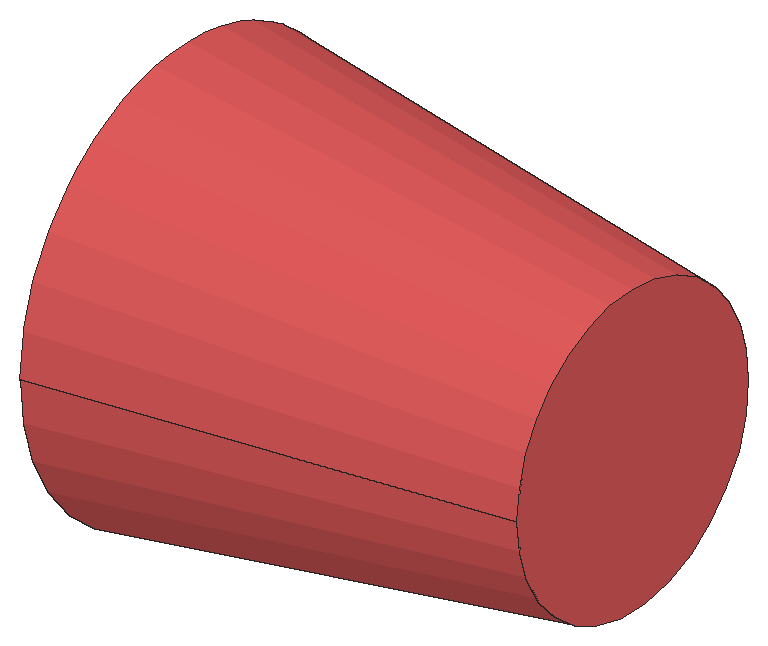
Revit family "Pam_Reducoes", category Pipe Fittings, Revit 2025
Family settings
  Round Connector Dimension = Use Diameter
  Part Type = Union
  Work Plane-Based = No
  Always vertical = No
  Cut with Voids When Loaded = No
  Shared = Yes
Parameters
  Tabela [instance] = "Duc_JGS_Reducoes"
  Nominal Radius2 [instance] = Corpo_R2  # 113.85 mm
  Nominal Radius [instance] = Corpo_R1  # 165.85 mm
  Nominal Diameter2 [instance] = 200.0 mm
  Nominal Diameter [instance] = 300.0 mm
  Material_Conexao = PAM_FoFo
  Manufacturer = "SGC"
  Loss Method = Not Defined
  K Coefficient Table = "Tee"
  EK7 [instance] = size_lookup(Tabela, "EK7", 5.2 mm, Nominal Diameter, Nominal Diameter2)  # 5.7 mm
  Description = "Reduções concecêntricas com bolsas"
  Default Elevation = 0.0 mm
  Corpo_R2 [instance] = Corpo_DE2 / 2  # 113.85 mm
  Corpo_R1 [instance] = Corpo_DE1 / 2  # 165.85 mm
  Corpo_L [instance] = size_lookup(Tabela, "Corpo_L", 200.0 mm, Nominal Diameter, Nominal Diameter2)  # 350.0 mm
  Corpo_DE2 [instance] = size_lookup(Tabela, "Bolsa_DE2", 54.2 mm, Nominal Diameter, Nominal Diameter2) + EK7  # 227.7 mm
  Corpo_DE1 [instance] = size_lookup(Tabela, "Bolsa_DE", 54.2 mm, Nominal Diameter, Nominal Diameter2) + EK7  # 331.7 mm
  Angle [instance] = 0.00°
Reference planes
  plane 1 "Center (Front/Back)": y = 0
  plane 2: z = 0
  plane 3 "Center (Left/Right)": x = 468.25
  plane 4 "EE": x = 293.25
  plane 5 "ED": x = 643.25
Forms (mm)
  SweptBlend 1, solid, material "PAM_FoFo" <- "Material_Conexao"
    path origin (0, 0, 0) x (1, 0, 0) y (0, 1, 0)
      loop
        line (293.25, 0) -> (643.25, 0)
    profile origin (293.25, 0, 0) x (0, 1, 0) y (0, 0, 1)
      loop
        circle (0, 0) r 165.85
    end profile origin (643.25, 0, 0) x (0, 1, 0) y (0, 0, 1)
      loop
        circle (0, 0) r 113.85
Dimensions and locks
  "Corpo_L": plane 4 "EE" to plane 5 "ED"
  equal spacing: plane 4 "EE", plane 3 "Center (Left/Right)", plane 5 "ED"
  "Corpo_DE1": diameter of SweptBlend 1 sketch curve
  "Corpo_DE2": diameter of SweptBlend 1 sketch curve
  aligned and locked: plane 4 "EE" to SweptBlend 1 sketch curve
  aligned and locked: plane 5 "ED" to SweptBlend 1 sketch curve
Automatic sketch dimensions
  SweptBlend 1 sketch curve to level = 0.0 mm  (x2)
  SweptBlend 1 sketch curve to profile plane = 0.0 mm  (x2)
  plane 1 "Center (Front/Back)" to SweptBlend 1 sketch curve = 0.0 mm
Connectors
  piping at (643.25, 0, 0), diameter 200, driven by "Nominal Diameter2"
    settings: on SweptBlend 1, index 1, connector inside diameter 609.6 mm, connector length 0.0 mm, flow factor 0, pipe flow 0 L/s, pressure drop 0.00 psi, fitting loss kfactor 0, connector angle 0.00°, fixture units 0, engagement length 0.0 mm, angle of deflection 0.00°, flow configuration 0, flow direction 0, fitting loss method 0, system type 7, joint type 0, gender type 0, connector reference index -1, connector utility 0, adjustable connector no, is connector primary yes, connector description ""
  piping at (293.25, 0, 0), diameter 300, driven by "Nominal Diameter"
    settings: on SweptBlend 1, index 2, connector inside diameter 609.6 mm, connector length 0.0 mm, flow factor 0, pipe flow 0 L/s, pressure drop 0.00 psi, fitting loss kfactor 0, connector angle 0.00°, fixture units 0, engagement length 0.0 mm, angle of deflection 0.00°, flow configuration 0, flow direction 0, fitting loss method 0, system type 7, joint type 0, gender type 0, connector reference index -1, connector utility 0, adjustable connector no, is connector primary no, connector description ""
